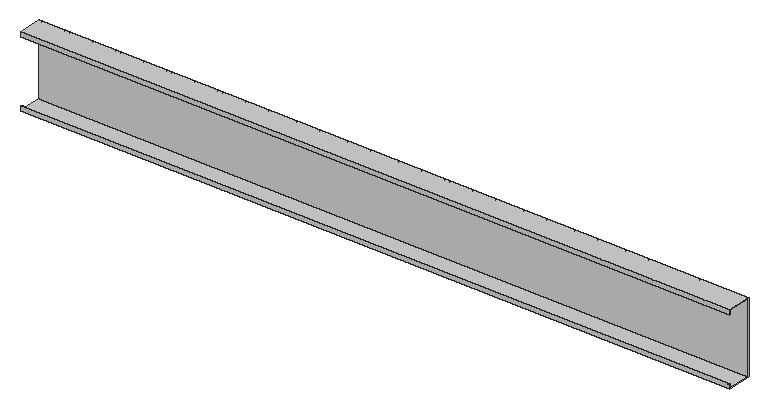
Revit family "BIMSF-SSMA-S-NonStructural", category Structural Framing, Revit 2024
Family settings
  Section Shape = C Profile with Lips
  Material for Model Behavior = Steel
  Always export as geometry = No
  Always vertical = Yes
  Cut with Voids When Loaded = No
  Symbolic Representation = From Project Settings
  Shared = No
  Show family pre-cut in plan views = Yes
Parameters (values of type "Default")
  tf1 = 0' - 0"
  temp_tf = if(tf < 0' 0 1/32", 0' 0 1/32", tf)  # 0' - 0 1/16"
  Weight = 0.00 lbf/ft
  Vy = 0.00 lbf
  Vx = 0.00 lbf
  Sx = 0.00 in³
  Structural Material [instance] = Metal - Steel - ASTM A992
  Short Tag = ""
  Return = 0' - 0 3/8"
  Reported Length [instance] = 5' - 0"
  Mx = 0.00 kip-ft
  Model = "V2"
  Long Tag = ""
  Iy = 0.00 in⁴
  Ix = 0.00 in⁴
  Fy = 0.00 ksi
  Area = 0.00 in²
  Assembly Code = "B10"
  Length [instance] = 5' - 0"
  bf = 0' - 2"
  d = 0' - 6"
  tf = 0' - 0 1/16"
Reference planes (in)
  plane 1 "Center (Front/Back)": y = 0
  plane 2: z = 0
  plane 3 "Center (Left/Right)": x = 0.1815
  plane 4 "Top": z = 3
  plane 5: z = -3
  plane 6 "Left": x = -29.8185
  plane 7 "Right": x = 30.1815
  plane 8: y = -1
  plane 9: y = 1
  plane 10: y = 0.9375
  plane 11: y = -0.9375
  plane 12: z = 2.9375
  plane 13: z = -2.9375
  plane 14: z = 2.625
  plane 15: z = -2.625
Forms (in)
  Extrusion 1, solid, material "Metal - Steel - ASTM A992" <- "Structural Material", detail levels medium+fine
    sketch origin (-29.8185, 0.02734, 0.16016) x (0, -1, 0) y (0, 0, 1)
      loop
        line (1.02734, 2.83984) -> (-0.97266, 2.83984) -> (-0.97266, -3.16016) -> (1.02734, -3.16016) -> (1.02734, -2.78516) -> (0.96484, -2.78516) -> (0.96484, -3.09766) -> (-0.91016, -3.09766) -> (-0.91016, 2.77734) -> (0.96484, 2.77734) -> (0.96484, 2.46484) -> (1.02734, 2.46484) -> (1.02734, 2.83984)
    from -60 to 0
Lines and regions (in)
  model lines, style "BIMSF.Framing", not visible, detail levels coarse
    curve 1: line (-29.8185, 0, 0) -> (30.1815, 0, 0)
Dimensions and locks (in)
  "d": plane 5 to plane 4 "Top"
  equal spacing: plane 5, plane 2, plane 4 "Top"
  "Length": plane 6 "Left" to plane 7 "Right"
  "bf": plane 9 to plane 8
  equal spacing: plane 9, plane 1 "Center (Front/Back)", plane 8
  "tf": plane 4 "Top" to plane 12
  "tf": plane 13 to plane 5
  "tf": plane 11 to plane 8
  "tf": plane 9 to plane 10
  "Return": plane 4 "Top" to plane 14
  "Return": plane 5 to plane 15
  "Reported Length": Extrusion 1 to Extrusion 1
  aligned and locked: Extrusion 1 sketch curve to plane 4 "Top"
  aligned and locked: plane 8 to Extrusion 1 sketch curve  (x2)
  aligned and locked: Extrusion 1 sketch curve to plane 14
  aligned and locked: Extrusion 1 sketch curve to plane 12
  aligned and locked: Extrusion 1 sketch curve to plane 11  (x2)
  aligned and locked: plane 10 to Extrusion 1 sketch curve
  aligned and locked: plane 13 to Extrusion 1 sketch curve
  aligned and locked: plane 15 to Extrusion 1 sketch curve
  aligned and locked: plane 5 to Extrusion 1 sketch curve
  aligned and locked: Extrusion 1 sketch curve to plane 9
  aligned and locked: plane 2 to level
  aligned and locked: Extrusion 1 to plane 7 "Right"
  aligned and locked: plane 6 "Left" to Extrusion 1
  aligned and locked: plane 1 "Center (Front/Back)" to curve 1
  aligned and locked: plane 6 "Left" to curve 1
  aligned and locked: plane 7 "Right" to curve 1
Types in the file's own list only (62): name | tf1 | Weight | Vy | Vx | Sx | Return | Mx | Iy | Ix | Fy | Area | bf | d
  162S125-18(33) | 0' - 0" | 0.27 lbf/ft | 302.00 lb | 100.00 lb | 0.03 in³ | 0' - 0 3/16" | 0.05 kip-ft | 0.02 in⁴ | 0.03 in⁴ | 33.00 ksi | 0.08 in² | 0' - 1 1/4" | 0' - 1 5/8"
  162S125-27(33) | 0' - 0" | 0.41 lbf/ft | 494.00 lb | 106.00 lb | 0.05 in³ | 0' - 0 3/16" | 0.09 kip-ft | 0.02 in⁴ | 0.06 in⁴ | 33.00 ksi | 0.12 in² | 0' - 1 1/4" | 0' - 1 5/8"
  162S125-30(33) | 0' - 0" | 0.45 lbf/ft | 543.00 lb | 106.00 lb | 0.06 in³ | 0' - 0 3/16" | 0.10 kip-ft | 0.03 in⁴ | 0.06 in⁴ | 33.00 ksi | 0.13 in² | 0' - 1 1/4" | 0' - 1 5/8"
  162S125-33(33) | 0' - 0 1/16" | 0.49 lbf/ft | 601.00 lb | 105.00 lb | 0.07 in³ | 0' - 0 3/16" | 0.11 kip-ft | 0.03 in⁴ | 0.07 in⁴ | 33.00 ksi | 0.15 in² | 0' - 1 1/4" | 0' - 1 5/8"
  250S125-18(33) | 0' - 0" | 0.33 lbf/ft | 258.00 lb | 196.00 lb | 0.06 in³ | 0' - 0 3/16" | 0.10 kip-ft | 0.02 in⁴ | 0.09 in⁴ | 33.00 ksi | 0.10 in² | 0' - 1 1/4" | 0' - 2 1/2"
  250S125-27(33) | 0' - 0" | 0.49 lbf/ft | 685.00 lb | 34.00 lb | 0.10 in³ | 0' - 0 3/16" | 0.16 kip-ft | 0.03 in⁴ | 0.14 in⁴ | 33.00 ksi | 0.14 in² | 0' - 1 1/4" | 0' - 2 1/2"
  250S125-30(33) | 0' - 0" | 0.54 lbf/ft | 832.00 lb | 378.00 lb | 0.11 in³ | 0' - 0 3/16" | 0.18 kip-ft | 0.03 in⁴ | 0.16 in⁴ | 33.00 ksi | 0.16 in² | 0' - 1 1/4" | 0' - 2 1/2"
  250S125-33(33) | 0' - 0 1/16" | 0.60 lbf/ft | 975.00 lb | 399.00 lb | 0.13 in³ | 0' - 0 3/16" | 0.21 kip-ft | 0.03 in⁴ | 0.18 in⁴ | 33.00 ksi | 0.18 in² | 0' - 1 1/4" | 0' - 2 1/2"
  250S125-43(33) | 0' - 0 1/16" | 0.77 lbf/ft | 1265.00 lb | 394.00 lb | 0.18 in³ | 0' - 0 3/16" | 0.29 kip-ft | 0.04 in⁴ | 0.23 in⁴ | 33.00 ksi | 0.23 in² | 0' - 1 1/4" | 0' - 2 1/2"
  250S125-54(33) | 0' - 0 1/16" | 0.95 lbf/ft | 1553.00 lb | 373.00 lb | 0.22 in³ | 0' - 0 3/16" | 0.42 kip-ft | 0.05 in⁴ | 0.28 in⁴ | 33.00 ksi | 0.28 in² | 0' - 1 1/4" | 0' - 2 1/2"
  250S125-54(50) | 0' - 0 1/16" | 0.95 lbf/ft | 2353.00 lb | 565.00 lb | 0.21 in³ | 0' - 0 3/16" | 0.52 kip-ft | 0.05 in⁴ | 0.27 in⁴ | 50.00 ksi | 0.28 in² | 0' - 1 1/4" | 0' - 2 1/2"
  250S125-68(33) | 0' - 0 1/16" | 1.18 lbf/ft | 1891.00 lb | 342.00 lb | 0.27 in³ | 0' - 0 3/16" | 0.53 kip-ft | 0.06 in⁴ | 0.33 in⁴ | 33.00 ksi | 0.35 in² | 0' - 1 1/4" | 0' - 2 1/2"
  250S125-68(50) | 0' - 0 1/16" | 1.18 lbf/ft | 2866.00 lb | 519.00 lb | 0.26 in³ | 0' - 0 3/16" | 0.65 kip-ft | 0.06 in⁴ | 0.33 in⁴ | 50.00 ksi | 0.35 in² | 0' - 1 1/4" | 0' - 2 1/2"
  350S125-18(33) | 0' - 0" | 0.39 lbf/ft | 180.00 lb | 159.00 lb | 0.07 in³ | 0' - 0 3/16" | 0.12 kip-ft | 0.02 in⁴ | 0.20 in⁴ | 33.00 ksi | 0.12 in² | 0' - 1 1/4" | 0' - 3 1/2"
  350S125-27(33) | 0' - 0" | 0.59 lbf/ft | 614.00 lb | 359.00 lb | 0.13 in³ | 0' - 0 3/16" | 0.21 kip-ft | 0.03 in⁴ | 0.32 in⁴ | 33.00 ksi | 0.17 in² | 0' - 1 1/4" | 0' - 3 1/2"
  350S125-30(33) | 0' - 0" | 0.65 lbf/ft | 824.00 lb | 436.00 lb | 0.15 in³ | 0' - 0 3/16" | 0.25 kip-ft | 0.03 in⁴ | 0.35 in⁴ | 33.00 ksi | 0.19 in² | 0' - 1 1/4" | 0' - 3 1/2"
  350S125-33(33) | 0' - 0 1/16" | 0.72 lbf/ft | 1024.00 lb | 487.00 lb | 0.18 in³ | 0' - 0 3/16" | 0.29 kip-ft | 0.04 in⁴ | 0.38 in⁴ | 33.00 ksi | 0.21 in² | 0' - 1 1/4" | 0' - 3 1/2"
  350S125-43(33) | 0' - 0 1/16" | 0.93 lbf/ft | 1739.00 lb | 631.00 lb | 0.26 in³ | 0' - 0 3/16" | 0.43 kip-ft | 0.05 in⁴ | 0.50 in⁴ | 33.00 ksi | 0.27 in² | 0' - 1 1/4" | 0' - 3 1/2"
  350S125-54(33) | 0' - 0 1/16" | 1.15 lbf/ft | 2253.00 lb | 633.00 lb | 0.33 in³ | 0' - 0 3/16" | 0.54 kip-ft | 0.06 in⁴ | 0.61 in⁴ | 33.00 ksi | 0.34 in² | 0' - 1 1/4" | 0' - 3 1/2"
  350S125-54(50) | 0' - 0 1/16" | 1.15 lbf/ft | 3372.00 lb | 947.00 lb | 0.31 in³ | 0' - 0 3/16" | 0.77 kip-ft | 0.06 in⁴ | 0.60 in⁴ | 50.00 ksi | 0.34 in² | 0' - 1 1/4" | 0' - 3 1/2"
  350S125-68(33) | 0' - 0 1/16" | 1.42 lbf/ft | 2774.00 lb | 592.00 lb | 0.41 in³ | 0' - 0 3/16" | 0.67 kip-ft | 0.06 in⁴ | 0.74 in⁴ | 33.00 ksi | 0.42 in² | 0' - 1 1/4" | 0' - 3 1/2"
  350S125-68(50) | 0' - 0 1/16" | 1.42 lbf/ft | 4202.00 lb | 897.00 lb | 0.40 in³ | 0' - 0 3/16" | 1.00 kip-ft | 0.06 in⁴ | 0.74 in⁴ | 50.00 ksi | 0.42 in² | 0' - 1 1/4" | 0' - 3 1/2"
  362S125-18(33) | 0' - 0" | 0.40 lbf/ft | 173.00 lb | 163.00 lb | 0.08 in³ | 0' - 0 3/16" | 0.12 kip-ft | 0.02 in⁴ | 0.22 in⁴ | 33.00 ksi | 0.12 in² | 0' - 1 1/4" | 0' - 3 5/8"
  362S125-27(33) | 0' - 0" | 0.60 lbf/ft | 592.00 lb | 370.00 lb | 0.14 in³ | 0' - 0 3/16" | 0.22 kip-ft | 0.03 in⁴ | 0.34 in⁴ | 33.00 ksi | 0.18 in² | 0' - 1 1/4" | 0' - 3 5/8"
  362S125-30(33) | 0' - 0" | 0.66 lbf/ft | 794.00 lb | 449.00 lb | 0.16 in³ | 0' - 0 3/16" | 0.26 kip-ft | 0.03 in⁴ | 0.38 in⁴ | 33.00 ksi | 0.19 in² | 0' - 1 1/4" | 0' - 3 5/8"
  362S125-33(33) | 0' - 0 1/16" | 0.73 lbf/ft | 1024.00 lb | 521.00 lb | 0.18 in³ | 0' - 0 3/16" | 0.30 kip-ft | 0.04 in⁴ | 0.42 in⁴ | 33.00 ksi | 0.22 in² | 0' - 1 1/4" | 0' - 3 5/8"
  362S125-43(33) | 0' - 0 1/16" | 0.95 lbf/ft | 1739.00 lb | 676.00 lb | 0.27 in³ | 0' - 0 3/16" | 0.44 kip-ft | 0.05 in⁴ | 0.54 in⁴ | 33.00 ksi | 0.28 in² | 0' - 1 1/4" | 0' - 3 5/8"
  362S125-54(33) | 0' - 0 1/16" | 1.17 lbf/ft | 2341.00 lb | 705.00 lb | 0.34 in³ | 0' - 0 3/16" | 0.57 kip-ft | 0.06 in⁴ | 0.66 in⁴ | 33.00 ksi | 0.34 in² | 0' - 1 1/4" | 0' - 3 5/8"
  362S125-54(50) | 0' - 0 1/16" | 1.17 lbf/ft | 3372.00 lb | 1016.00 lb | 0.32 in³ | 0' - 0 3/16" | 0.80 kip-ft | 0.06 in⁴ | 0.66 in⁴ | 50.00 ksi | 0.34 in² | 0' - 1 1/4" | 0' - 3 5/8"
  362S125-68(33) | 0' - 0 1/16" | 1.45 lbf/ft | 2884.00 lb | 662.00 lb | 0.43 in³ | 0' - 0 3/16" | 0.71 kip-ft | 0.07 in⁴ | 0.80 in⁴ | 33.00 ksi | 0.43 in² | 0' - 1 1/4" | 0' - 3 5/8"
  362S125-68(50) | 0' - 0 1/16" | 1.45 lbf/ft | 4370.00 lb | 1004.00 lb | 0.42 in³ | 0' - 0 3/16" | 1.04 kip-ft | 0.07 in⁴ | 0.80 in⁴ | 50.00 ksi | 0.43 in² | 0' - 1 1/4" | 0' - 3 5/8"
  400S125-18(33) | 0' - 0" | 0.42 lbf/ft | 156.00 lb | 156.00 lb | 0.08 in³ | 0' - 0 3/16" | 0.14 kip-ft | 0.02 in⁴ | 0.28 in⁴ | 33.00 ksi | 0.13 in² | 0' - 1 1/4" | 0' - 4"
  400S125-27(33) | 0' - 0" | 0.64 lbf/ft | 533.00 lb | 398.00 lb | 0.15 in³ | 0' - 0 3/16" | 0.25 kip-ft | 0.03 in⁴ | 0.43 in⁴ | 33.00 ksi | 0.19 in² | 0' - 1 1/4" | 0' - 4"
  400S125-30(33) | 0' - 0" | 0.70 lbf/ft | 715.00 lb | 484.00 lb | 0.17 in³ | 0' - 0 3/16" | 0.29 kip-ft | 0.03 in⁴ | 0.47 in⁴ | 33.00 ksi | 0.21 in² | 0' - 1 1/4" | 0' - 4"
  400S125-33(33) | 0' - 0 1/16" | 0.77 lbf/ft | 976.00 lb | 595.00 lb | 0.20 in³ | 0' - 0 3/16" | 0.33 kip-ft | 0.04 in⁴ | 0.52 in⁴ | 33.00 ksi | 0.23 in² | 0' - 1 1/4" | 0' - 4"
  400S125-43(33) | 0' - 0 1/16" | 1.00 lbf/ft | 1739.00 lb | 810.00 lb | 0.30 in³ | 0' - 0 3/16" | 0.50 kip-ft | 0.05 in⁴ | 0.68 in⁴ | 33.00 ksi | 0.30 in² | 0' - 1 1/4" | 0' - 4"
  400S125-54(33) | 0' - 0 1/16" | 1.24 lbf/ft | 2603.00 lb | 944.00 lb | 0.39 in³ | 0' - 0 3/16" | 0.64 kip-ft | 0.06 in⁴ | 0.84 in⁴ | 33.00 ksi | 0.37 in² | 0' - 1 1/4" | 0' - 4"
  400S125-54(50) | 0' - 0 1/16" | 1.24 lbf/ft | 3372.00 lb | 1223.00 lb | 0.36 in³ | 0' - 0 3/16" | 0.90 kip-ft | 0.06 in⁴ | 0.83 in⁴ | 50.00 ksi | 0.37 in² | 0' - 1 1/4" | 0' - 4"
  400S125-68(33) | 0' - 0 1/16" | 1.54 lbf/ft | 3215.00 lb | 895.00 lb | 0.49 in³ | 0' - 0 3/16" | 0.81 kip-ft | 0.07 in⁴ | 1.02 in⁴ | 33.00 ksi | 0.45 in² | 0' - 1 1/4" | 0' - 4"
  400S125-68(50) | 0' - 0 1/16" | 1.54 lbf/ft | 4871.00 lb | 1356.00 lb | 0.47 in³ | 0' - 0 3/16" | 1.18 kip-ft | 0.07 in⁴ | 1.02 in⁴ | 50.00 ksi | 0.45 in² | 0' - 1 1/4" | 0' - 4"
  550S125-27(33) | 0' - 0" | 0.78 lbf/ft | 382.00 lb | 382.00 lb | 0.25 in³ | 0' - 0 3/16" | 0.41 kip-ft | 0.03 in⁴ | 0.90 in⁴ | 33.00 ksi | 0.23 in² | 0' - 1 1/4" | 0' - 5 1/2"
  550S125-30(33) | 0' - 0" | 0.86 lbf/ft | 512.00 lb | 512.00 lb | 0.29 in³ | 0' - 0 3/16" | 0.47 kip-ft | 0.04 in⁴ | 1.00 in⁴ | 33.00 ksi | 0.25 in² | 0' - 1 1/4" | 0' - 5 1/2"
  550S125-33(33) | 0' - 0 1/16" | 0.95 lbf/ft | 699.00 lb | 699.00 lb | 0.34 in³ | 0' - 0 3/16" | 0.55 kip-ft | 0.04 in⁴ | 1.11 in⁴ | 33.00 ksi | 0.28 in² | 0' - 1 1/4" | 0' - 5 1/2"
  550S125-43(33) | 0' - 0 1/16" | 1.23 lbf/ft | 1550.00 lb | 1199.00 lb | 0.50 in³ | 0' - 0 3/16" | 0.82 kip-ft | 0.05 in⁴ | 1.46 in⁴ | 33.00 ksi | 0.36 in² | 0' - 1 1/4" | 0' - 5 1/2"
  550S125-54(33) | 0' - 0 1/16" | 1.53 lbf/ft | 2739.00 lb | 1666.00 lb | 0.65 in³ | 0' - 0 3/16" | 1.07 kip-ft | 0.06 in⁴ | 1.81 in⁴ | 33.00 ksi | 0.45 in² | 0' - 1 1/4" | 0' - 5 1/2"
  550S125-54(50) | 0' - 0 1/16" | 1.53 lbf/ft | 3093.00 lb | 1881.00 lb | 0.61 in³ | 0' - 0 3/16" | 1.51 kip-ft | 0.06 in⁴ | 1.79 in⁴ | 50.00 ksi | 0.45 in² | 0' - 1 1/4" | 0' - 5 1/2"
  550S125-68(33) | 0' - 0 1/16" | 1.90 lbf/ft | 4347.00 lb | 2057.00 lb | 0.80 in³ | 0' - 0 3/16" | 1.58 kip-ft | 0.07 in⁴ | 2.21 in⁴ | 33.00 ksi | 0.56 in² | 0' - 1 1/4" | 0' - 5 1/2"
  550S125-68(50) | 0' - 0 1/16" | 1.90 lbf/ft | 5350.00 lb | 2532.00 lb | 0.79 in³ | 0' - 0 3/16" | 1.97 kip-ft | 0.07 in⁴ | 2.21 in⁴ | 50.00 ksi | 0.56 in² | 0' - 1 1/4" | 0' - 5 1/2"
  600S125-27(33) | 0' - 0" | 0.83 lbf/ft | 349.00 lb | 349.00 lb | 0.27 in³ | 0' - 0 3/16" | 0.45 kip-ft | 0.04 in⁴ | 1.10 in⁴ | 33.00 ksi | 0.24 in² | 0' - 1 1/4" | 0' - 6"
  600S125-30(33) | 0' - 0" | 0.91 lbf/ft | 468.00 lb | 468.00 lb | 0.32 in³ | 0' - 0 3/16" | 0.52 kip-ft | 0.04 in⁴ | 1.22 in⁴ | 33.00 ksi | 0.27 in² | 0' - 1 1/4" | 0' - 6"
  600S125-33(33) | 0' - 0 1/16" | 1.01 lbf/ft | 638.00 lb | 638.00 lb | 0.37 in³ | 0' - 0 3/16" | 0.61 kip-ft | 0.04 in⁴ | 1.36 in⁴ | 33.00 ksi | 0.30 in² | 0' - 1 1/4" | 0' - 6"
  600S125-43(33) | 0' - 0 1/16" | 1.31 lbf/ft | 1416.00 lb | 1240.00 lb | 0.56 in³ | 0' - 0 3/16" | 0.91 kip-ft | 0.05 in⁴ | 1.81 in⁴ | 33.00 ksi | 0.39 in² | 0' - 1 1/4" | 0' - 6"
  600S125-54(33) | 0' - 0 1/16" | 1.63 lbf/ft | 2739.00 lb | 1890.00 lb | 0.73 in³ | 0' - 0 3/16" | 1.20 kip-ft | 0.06 in⁴ | 2.24 in⁴ | 33.00 ksi | 0.48 in² | 0' - 1 1/4" | 0' - 6"
  600S125-54(50) | 0' - 0 1/16" | 1.63 lbf/ft | 2823.00 lb | 1947.00 lb | 0.67 in³ | 0' - 0 3/16" | 1.68 kip-ft | 0.06 in⁴ | 2.22 in⁴ | 50.00 ksi | 0.48 in² | 0' - 1 1/4" | 0' - 6"
  600S125-68(33) | 0' - 0 1/16" | 2.02 lbf/ft | 4347.00 lb | 2339.00 lb | 0.91 in³ | 0' - 0 3/16" | 1.79 kip-ft | 0.07 in⁴ | 2.74 in⁴ | 33.00 ksi | 0.60 in² | 0' - 1 1/4" | 0' - 6"
  600S125-68(50) | 0' - 0 1/16" | 2.02 lbf/ft | 5350.00 lb | 2879.00 lb | 0.90 in³ | 0' - 0 3/16" | 2.24 kip-ft | 0.07 in⁴ | 2.74 in⁴ | 50.00 ksi | 0.60 in² | 0' - 1 1/4" | 0' - 6"
  800S125-33(33) | 0' - 0 1/16" | 1.25 lbf/ft | 474.00 lb | 474.00 lb | 0.51 in³ | 0' - 0 3/16" | 0.84 kip-ft | 0.04 in⁴ | 2.66 in⁴ | 33.00 ksi | 0.37 in² | 0' - 1 1/4" | 0' - 8"
  800S125-43(33) | 0' - 0 1/16" | 1.62 lbf/ft | 1051.00 lb | 1051.00 lb | 0.77 in³ | 0' - 0 3/16" | 1.27 kip-ft | 0.06 in⁴ | 3.58 in⁴ | 33.00 ksi | 0.48 in² | 0' - 1 1/4" | 0' - 8"
  800S125-54(33) | 0' - 0 1/16" | 2.01 lbf/ft | 2091.00 lb | 2091.00 lb | 1.04 in³ | 0' - 0 3/16" | 1.71 kip-ft | 0.07 in⁴ | 4.57 in⁴ | 33.00 ksi | 0.59 in² | 0' - 1 1/4" | 0' - 8"
  800S125-54(50) | 0' - 0 1/16" | 2.01 lbf/ft | 2091.00 lb | 2091.00 lb | 0.94 in³ | 0' - 0 3/16" | 2.35 kip-ft | 0.07 in⁴ | 4.43 in⁴ | 50.00 ksi | 0.59 in² | 0' - 1 1/4" | 0' - 8"
  800S125-68(33) | 0' - 0 1/16" | 2.51 lbf/ft | 4221.00 lb | 3367.00 lb | 1.38 in³ | 0' - 0 3/16" | 2.27 kip-ft | 0.08 in⁴ | 5.64 in⁴ | 33.00 ksi | 0.74 in² | 0' - 1 1/4" | 0' - 8"
  800S125-68(50) | 0' - 0 1/16" | 2.51 lbf/ft | 4221.00 lb | 3367.00 lb | 1.29 in³ | 0' - 0 3/16" | 3.21 kip-ft | 0.08 in⁴ | 5.63 in⁴ | 50.00 ksi | 0.74 in² | 0' - 1 1/4" | 0' - 8"
